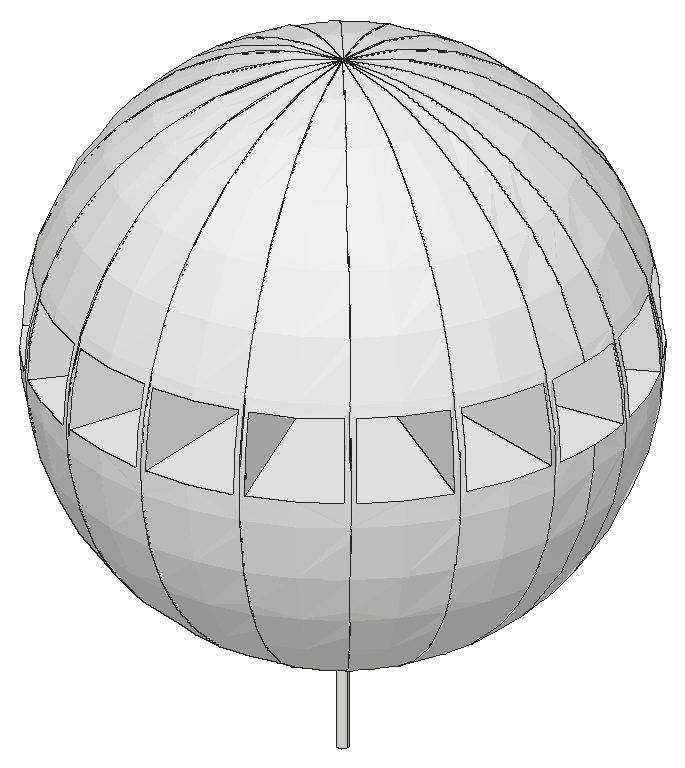
Revit family "123Electronics_Commercial-Loudspeakers_Biamp_Dispersion-Sphere-Loudspeaker_SPH20", category Communication Devices, host Face, Revit 2020
Family settings
  Host = Face
  Maintain Annotation Orientation = No
  Round Connector Dimension = Use Diameter
  Part Type = Normal
  OmniClass Number = 23.85.10.11.14.14.14
  OmniClass Title = Loudspeakers
  Cut with Voids When Loaded = No
  Shared = No
  Room Calculation Point = No
Parameters (values of type "SPH20")
  Woofer size in inch = "8"  # constant formula
  Woofer cone material = "Paper"  # constant formula
  Weight = 4.85 lbf  # constant formula
  URL = "https://www.biamp.com/"
  SPL 1W/1m in dB = "95"  # constant formula
  Product data url = "https://bimobject.com/biamp/product/sph20_commercial-loudspeakers-pendant"
  Product Page URL = "https://www.biamp.com/products/product-families/commercial-loudspeakers/pendant#sph20"
  Product Documentation Link = "https://downloads.biamp.com/assets/docs/default-source/data-sheets/biamp_data_sheet_sph20_aug20.pdf"
  Nom Cable Length [instance] = if(Pendant Length < 0.25", 0.25", if(Pendant Length > 129.92", 129.92", Pendant Length))  # 2.00"
  Mounting system = "Ceiling socket"  # constant formula
  Model = "SPH20"  # constant formula
  Max SPL 1m in dB = "111"  # constant formula
  Manufacturer = "Biamp"  # constant formula
  Low impedance dynamic power in watts = "30"  # constant formula
  Low impedance RMS power in watts = "20"  # constant formula
  Loudspeaker system = "Dual cone"  # constant formula
  Housing Material = Biamp - Plastic - White
  Vertical dispersion angle 1000 Hz = "110°\r"  # constant formula
  Frequency response in Hz = "80-18k"  # constant formula
  Diameter = 10.03937"  # constant formula
  Description = "SPH20 360° Dispersion Sphere Loudspeaker"  # constant formula
  Default Elevation = 0.00"  # constant formula
  Pendant Length [instance] = 2.00"
  Impedance (ohms) = "8"  # constant formula
  100V transformer power taps in watts = "20 - 10 -5"  # constant formula
Reference planes (in)
  plane 1 "Center (Front/Back)": y = 0
  plane 2: z = 0
  plane 3 "Center (Left/Right)": x = 0
  plane 4: z = 2
  plane 5: z = 12.03937
  plane 6: z = 1.80315
  plane 7: z = 7.01969
  plane 8: z = 8.39764
  plane 9: z = 2.03937
Forms (in)
  Extrusion 1, solid, material "Biamp - Plastic - White" <- "Housing Material"
    sketch origin (0, 0, 0) x (1, 0, 0) y (0, 1, 0)
      loop
        circle (0, 0) r 0.09843
    from 0 to 2
  Extrusion 2, solid, material "Biamp - Plastic - White" <- "Housing Material", detail levels medium+fine
    sketch origin (0, 0, 0) x (1, 0, 0) y (0, 1, 0)
      loop
        line (0, 0) -> (1.71683, 4.71696) -> (0, 5.01969) -> (0, 0)
    from 2 to 12.03937
  Extrusion 3, solid, material "Biamp - Plastic - White" <- "Housing Material", detail levels medium+fine
    sketch origin (0, 0, 0) x (-0.766044, 0.642788, 0) y (-0.642788, -0.766044, 0)
      loop
        line (0, 0) -> (0, -5.01969) -> (1.71683, -4.71696) -> (0, 0)
    from 2 to 12.03937
  Extrusion 4, solid, material "Biamp - Plastic - White" <- "Housing Material", detail levels medium+fine
    sketch origin (0, 0, 0) x (-0.173648, 0.984808, 0) y (-0.984808, -0.173648, 0)
      loop
        line (0, 0) -> (0, -5.01969) -> (1.71683, -4.71696) -> (0, 0)
    from 2 to 12.03937
  Extrusion 5, solid, material "Biamp - Plastic - White" <- "Housing Material", detail levels medium+fine
    sketch origin (0, 0, 0) x (0.766044, -0.642788, 0) y (0.642788, 0.766044, 0)
      loop
        line (0, 0) -> (1.71683, 4.71696) -> (0, 5.01969) -> (0, 0)
    from 2 to 12.03937
  Extrusion 6, solid, material "Biamp - Plastic - White" <- "Housing Material", detail levels medium+fine
    sketch origin (0, 0, 0) x (0.939693, 0.34202, 0) y (-0.34202, 0.939693, 0)
      loop
        line (0, 0) -> (0, -5.01969) -> (1.71683, -4.71696) -> (0, 0)
    from 2 to 12.03937
  Extrusion 7, solid, material "Biamp - Plastic - White" <- "Housing Material", detail levels medium+fine
    sketch origin (0, 0, 0) x (-0.5, -0.866025, 0) y (0.866025, -0.5, 0)
      loop
        line (0, 0) -> (1.71683, 4.71696) -> (0, 5.01969) -> (0, 0)
    from 2 to 12.03937
  Extrusion 8, solid, material "Biamp - Plastic - White" <- "Housing Material", detail levels medium+fine
    sketch origin (0, 0, 0) x (0.173648, -0.984808, 0) y (0.984808, 0.173648, 0)
      loop
        line (0, 0) -> (1.71683, 4.71696) -> (0, 5.01969) -> (0, 0)
    from 2 to 12.03937
  Extrusion 9, solid, material "Biamp - Plastic - White" <- "Housing Material", detail levels medium+fine
    sketch origin (0, 0, 0) x (0.5, 0.866025, 0) y (-0.866025, 0.5, 0)
      loop
        line (0, 0) -> (0, -5.01969) -> (1.71683, -4.71696) -> (0, 0)
    from 2 to 12.03937
  Extrusion 10, solid, material "Biamp - Plastic - White" <- "Housing Material", detail levels medium+fine
    sketch origin (0, 0, 0) x (-0.766044, -0.642788, 0) y (0.642788, -0.766044, 0)
      loop
        line (0, 0) -> (0, -5.01969) -> (1.71683, -4.71696) -> (0, 0)
    from 2 to 12.03937
  Extrusion 11, solid, material "Biamp - Plastic - White" <- "Housing Material", detail levels medium+fine
    sketch origin (0, 0, 0) x (0.173648, 0.984808, 0) y (-0.984808, 0.173648, 0)
      loop
        line (0, 0) -> (1.71683, 4.71696) -> (0, 5.01969) -> (0, 0)
    from 2 to 12.03937
  Extrusion 12, solid, material "Biamp - Plastic - White" <- "Housing Material", detail levels medium+fine
    sketch origin (0, 0, 0) x (-0.5, 0.866025, 0) y (-0.866025, -0.5, 0)
      loop
        line (0, 0) -> (1.71683, 4.71696) -> (0, 5.01969) -> (0, 0)
    from 2 to 12.03937
  Extrusion 13, solid, material "Biamp - Plastic - White" <- "Housing Material", detail levels medium+fine
    sketch origin (0, 0, 0) x (-0.173648, -0.984808, 0) y (0.984808, -0.173648, 0)
      loop
        line (0, 0) -> (0, -5.01969) -> (1.71683, -4.71696) -> (0, 0)
    from 2 to 12.03937
  Extrusion 14, solid, material "Biamp - Plastic - White" <- "Housing Material", detail levels medium+fine
    sketch origin (0, 0, 0) x (0.939693, -0.34202, 0) y (0.34202, 0.939693, 0)
      loop
        line (0, 0) -> (0, -5.01969) -> (1.71683, -4.71696) -> (0, 0)
    from 2 to 12.03937
  Extrusion 15, solid, material "Biamp - Plastic - White" <- "Housing Material", detail levels medium+fine
    sketch origin (0, 0, 0) x (0.5, -0.866025, 0) y (0.866025, 0.5, 0)
      loop
        line (0, 0) -> (0, -5.01969) -> (1.71683, -4.71696) -> (0, 0)
    from 2 to 12.03937
  Extrusion 16, solid, material "Biamp - Plastic - White" <- "Housing Material", detail levels medium+fine
    sketch origin (0, 0, 0) x (-0.939693, 0.34202, 0) y (-0.34202, -0.939693, 0)
      loop
        line (0, 0) -> (1.71683, 4.71696) -> (0, 5.01969) -> (0, 0)
    from 2 to 12.03937
  Extrusion 17, solid, material "Biamp - Plastic - White" <- "Housing Material", detail levels medium+fine
    sketch origin (0, 0, 0) x (-0.939693, -0.34202, 0) y (0.34202, -0.939693, 0)
      loop
        line (0, 0) -> (1.71683, 4.71696) -> (0, 5.01969) -> (0, 0)
    from 2 to 12.03937
  Extrusion 18, solid, material "Biamp - Plastic - White" <- "Housing Material", detail levels medium+fine
    sketch origin (0, 0, 0) x (0.766044, 0.642788, 0) y (-0.642788, 0.766044, 0)
      loop
        line (0, 0) -> (1.71683, 4.71696) -> (0, 5.01969) -> (0, 0)
    from 2 to 12.03937
  Extrusion 19, solid, material "Biamp - Plastic - White" <- "Housing Material", detail levels medium+fine
    sketch origin (0, 0, 0) x (-1, 0, 0) y (0, -1, 0)
      loop
        line (0, 0) -> (0, -5.01969) -> (1.71683, -4.71696) -> (0, 0)
    from 2 to 12.03937
  Revolve 20, void
    sketch origin (0, 0, 0) x (1, 0, 0) y (0, 0, 1)
      loop
        line (0, 12.03937) -> (-5.18375, 12.03937) -> (-5.18375, 2) -> (-0.11366, 2)
        arc (-0.11366, 2) -> (-4.9431, 7.07501) -> (0, 12.03937) r 5.02183
      axis (0, 12.03937) -> (0, 2)
    angle from 0 to 360
  Extrusion 21, void
    sketch origin (0, 0, 0) x (1, 0, 0) y (0, 1, 0)
      loop
        line (0, 0) -> (-0.08932, 5.11733) -> (-1.66629, 4.83927) -> (0, 0)
    from 7.01969 to 8.39764
  Extrusion 22, void
    sketch origin (0, 0, 0) x (-1, 0, 0) y (0, -1, 0)
      loop
        line (0, 0) -> (-1.66629, -4.83927) -> (-0.08932, -5.11733) -> (0, 0)
    from 7.01969 to 8.39764
  Extrusion 23, void
    sketch origin (0, 0, 0) x (-0.766044, 0.642788, 0) y (-0.642788, -0.766044, 0)
      loop
        line (0, 0) -> (-1.66629, -4.83927) -> (-0.08932, -5.11733) -> (0, 0)
    from 7.01969 to 8.39764
  Extrusion 24, void
    sketch origin (0, 0, 0) x (0.766044, -0.642788, 0) y (0.642788, 0.766044, 0)
      loop
        line (0, 0) -> (-0.08932, 5.11733) -> (-1.66629, 4.83927) -> (0, 0)
    from 7.01969 to 8.39764
  Extrusion 25, void
    sketch origin (0, 0, 0) x (0.5, 0.866025, 0) y (-0.866025, 0.5, 0)
      loop
        line (0, 0) -> (-1.66629, -4.83927) -> (-0.08932, -5.11733) -> (0, 0)
    from 7.01969 to 8.39764
  Extrusion 26, void
    sketch origin (0, 0, 0) x (-0.5, -0.866025, 0) y (0.866025, -0.5, 0)
      loop
        line (0, 0) -> (-0.08932, 5.11733) -> (-1.66629, 4.83927) -> (0, 0)
    from 7.01969 to 8.39764
  Extrusion 27, void
    sketch origin (0, 0, 0) x (0.173648, -0.984808, 0) y (0.984808, 0.173648, 0)
      loop
        line (0, 0) -> (-0.08932, 5.11733) -> (-1.66629, 4.83927) -> (0, 0)
    from 7.01969 to 8.39764
  Extrusion 28, void
    sketch origin (0, 0, 0) x (-0.173648, 0.984808, 0) y (-0.984808, -0.173648, 0)
      loop
        line (0, 0) -> (-1.66629, -4.83927) -> (-0.08932, -5.11733) -> (0, 0)
    from 7.01969 to 8.39764
  Extrusion 29, void
    sketch origin (0, 0, 0) x (-0.939693, -0.34202, 0) y (0.34202, -0.939693, 0)
      loop
        line (0, 0) -> (-0.08932, 5.11733) -> (-1.66629, 4.83927) -> (0, 0)
    from 7.01969 to 8.39764
  Extrusion 30, void
    sketch origin (0, 0, 0) x (0.939693, 0.34202, 0) y (-0.34202, 0.939693, 0)
      loop
        line (0, 0) -> (-1.66629, -4.83927) -> (-0.08932, -5.11733) -> (0, 0)
    from 7.01969 to 8.39764
  Extrusion 31, void
    sketch origin (0, 0, 0) x (0.939693, -0.34202, 0) y (0.34202, 0.939693, 0)
      loop
        line (0, 0) -> (-1.66629, -4.83927) -> (-0.08932, -5.11733) -> (0, 0)
    from 7.01969 to 8.39764
  Extrusion 32, void
    sketch origin (0, 0, 0) x (-0.939693, 0.34202, 0) y (-0.34202, -0.939693, 0)
      loop
        line (0, 0) -> (-0.08932, 5.11733) -> (-1.66629, 4.83927) -> (0, 0)
    from 7.01969 to 8.39764
  Extrusion 33, void
    sketch origin (0, 0, 0) x (-0.173648, -0.984808, 0) y (0.984808, -0.173648, 0)
      loop
        line (0, 0) -> (-1.66629, -4.83927) -> (-0.08932, -5.11733) -> (0, 0)
    from 7.01969 to 8.39764
  Extrusion 34, void
    sketch origin (0, 0, 0) x (0.173648, 0.984808, 0) y (-0.984808, 0.173648, 0)
      loop
        line (0, 0) -> (-0.08932, 5.11733) -> (-1.66629, 4.83927) -> (0, 0)
    from 7.01969 to 8.39764
  Extrusion 35, void
    sketch origin (0, 0, 0) x (-0.5, 0.866025, 0) y (-0.866025, -0.5, 0)
      loop
        line (0, 0) -> (-0.08932, 5.11733) -> (-1.66629, 4.83927) -> (0, 0)
    from 7.01969 to 8.39764
  Extrusion 36, void
    sketch origin (0, 0, 0) x (0.5, -0.866025, 0) y (0.866025, 0.5, 0)
      loop
        line (0, 0) -> (-1.66629, -4.83927) -> (-0.08932, -5.11733) -> (0, 0)
    from 7.01969 to 8.39764
  Extrusion 37, void
    sketch origin (0, 0, 0) x (0.766044, 0.642788, 0) y (-0.642788, 0.766044, 0)
      loop
        line (0, 0) -> (-0.08932, 5.11733) -> (-1.66629, 4.83927) -> (0, 0)
    from 7.01969 to 8.39764
  Extrusion 38, void
    sketch origin (0, 0, 0) x (-0.766044, -0.642788, 0) y (0.642788, -0.766044, 0)
      loop
        line (0, 0) -> (-1.66629, -4.83927) -> (-0.08932, -5.11733) -> (0, 0)
    from 7.01969 to 8.39764
  Revolve 39, solid, material "Biamp - Plastic - White" <- "Housing Material"
    sketch origin (0, 0, 0) x (1, 0, 0) y (0, 0, 1)
      loop
        line (0, 1.80315) -> (0, 2.03937) -> (-0.27559, 2.03937) -> (-0.09843, 1.80315) -> (0, 1.80315)
      axis (0, 2.03937) -> (0, 1.80315)
    angle from 0 to 360
  Revolve 40, solid, material "Biamp - Plastic - White" <- "Housing Material", detail levels coarse
    sketch origin (0, 0, 0) x (0, 1, 0) y (0, 0, 1)
      loop
        line (-0.05, 12.03937) -> (-0.27562, 12.02749)
        arc (-0.27562, 12.02749) -> (-4.94277, 6.93705) -> (-0.11366, 2) r 5.02183
        line (-0.11366, 2) -> (0, 2) -> (0, 12.03937) -> (-0.05, 12.03937)
      axis (0, 2) -> (0, 12.03937)
    angle from 0 to 360
Cuts and joins
  Revolve 20, Extrusion 22, Extrusion 24, Extrusion 26 cuts Extrusion 2
  Revolve 20, Extrusion 24, Extrusion 28 cuts Extrusion 3
  Revolve 20, Extrusion 27, Extrusion 31 cuts Extrusion 4
  Revolve 20, Extrusion 23, Extrusion 27 cuts Extrusion 5
  Revolve 20, Extrusion 29, Extrusion 33 cuts Extrusion 6
  Revolve 20, Extrusion 25, Extrusion 29 cuts Extrusion 7
  Revolve 20, Extrusion 28, Extrusion 32 cuts Extrusion 8
  Revolve 20, Extrusion 26, Extrusion 30 cuts Extrusion 9
  Revolve 20, Extrusion 37 cuts Extrusion 10
  Revolve 20, Extrusion 33, Extrusion 37 cuts Extrusion 11
  Revolve 20, Extrusion 36 cuts Extrusion 12
  Revolve 20, Extrusion 34, Extrusion 36, Extrusion 38 cuts Extrusion 13
  Revolve 20, Extrusion 32, Extrusion 36 cuts Extrusion 14
  Revolve 20, Extrusion 35 cuts Extrusion 15
  Revolve 20, Extrusion 31, Extrusion 35 cuts Extrusion 16
  Revolve 20, Extrusion 30, Extrusion 32, Extrusion 34 cuts Extrusion 17
  Revolve 20, Extrusion 38 cuts Extrusion 18
  Revolve 20, Extrusion 21, Extrusion 22, Extrusion 23, Extrusion 25, Extrusion 38 cuts Extrusion 19
  Extrusion 21 cuts Extrusion 1
  joined: Extrusion 1, Revolve 39
Lines and regions (in)
  Masking region 1
    outline origin (0, 0, 0) x (0, 1, 0) y (0, 0, 1)
      loop
        line (-0.09843, 2) -> (-0.09843, 0) -> (0.09843, 0) -> (0.09843, 2) -> (-0.09843, 2)
  Masking region 2
    outline origin (0, 0, 0) x (1, 0, 0) y (0, 0, 1)
      loop
        line (-0.09843, 0) -> (0.09843, 0) -> (0.09843, 1.80315) -> (-0.09843, 1.80315) -> (-0.09843, 0)
  Masking region 3
    outline origin (0, 0, 0) x (1, 0, 0) y (0, 1, 0)
      loop
        circle (0, 0) r 4.94342
  Masking region 4
    outline origin (0, 0, 0) x (1, 0, 0) y (0, 0, 1)
      loop
        spline (4.88256, 7.01969) -> (4.8812, 7.136) -> (4.87717, 7.25225) -> (4.87049, 7.36838) -> (4.86115, 7.48432) -> (4.84916, 7.60001) -> (4.83452, 7.71538) -> (4.81726, 7.83039) -> (4.79736, 7.94495) -> (4.77485, 8.05902) -> (4.74974, 8.17253) -> (4.72203, 8.28543) -> (4.69176, 8.39764)
        line (4.69176, 8.39764) -> (4.75024, 8.39764)
        arc (4.75024, 8.39764) -> (2.99775, 10.98984) -> (0.05, 12.03937) r 5.01697
        line (0.05, 12.03937) -> (-0.05, 12.03937)
        arc (-0.05, 12.03937) -> (-2.99775, 10.98984) -> (-4.75024, 8.39764) r 5.01697
        line (-4.75024, 8.39764) -> (-4.69176, 8.39764)
        spline (-4.69176, 8.39764) -> (-4.72203, 8.28543) -> (-4.74974, 8.17253) -> (-4.77485, 8.05902) -> (-4.79736, 7.94495) -> (-4.81726, 7.83039) -> (-4.83452, 7.71538) -> (-4.84916, 7.60001) -> (-4.86115, 7.48432) -> (-4.87049, 7.36838) -> (-4.87717, 7.25225) -> (-4.8812, 7.136) -> (-4.88256, 7.01969)
        line (-4.88256, 7.01969) -> (-4.94342, 7.01969)
        arc (-4.94342, 7.01969) -> (-3.53677, 3.52935) -> (-0.09843, 2) r 5.01513
        line (-0.09843, 2) -> (0.09843, 2)
        arc (0.09843, 2) -> (3.53677, 3.52935) -> (4.94342, 7.01969) r 5.01513
        line (4.94342, 7.01969) -> (4.88256, 7.01969)
  Masking region 5
    outline origin (0, 0, 0) x (1, 0, 0) y (0, 0, 1)
      loop
        line (-0.09843, 1.80315) -> (0.09843, 1.80315) -> (0.27643, 2.03937) -> (-0.27643, 2.03937) -> (-0.09843, 1.80315)
  Masking region 6
    outline origin (0, 0, 0) x (0, 1, 0) y (0, 0, 1)
      loop
        line (-0.09843, 1.80315) -> (-0.09843, 0) -> (0.09843, 0) -> (0.09843, 1.80315) -> (-0.09843, 1.80315)
  Masking region 7
    outline origin (0, 0, 0) x (0, 1, 0) y (0, 0, 1)
      loop
        line (-0.11366, 2) -> (0.11366, 2)
        arc (0.11366, 2) -> (4.94277, 6.93705) -> (0.27562, 12.02749) r 5.02183
        line (0.27562, 12.02749) -> (0.08679, 12.03937) -> (-0.08679, 12.03937) -> (-0.27562, 12.02749)
        arc (-0.27562, 12.02749) -> (-4.94277, 6.93705) -> (-0.11366, 2) r 5.02183
  symbolic lines
    curve 1: line (-3.17757, 3.78688, 0) -> (0, 0, 0)
    curve 2: line (0, 0, 0) -> (-1.69075, 4.6453, 0)
    curve 3: line (-1.77157, 4.61508, 0) -> (-1.70233, 4.43473, 0)
    curve 4: arc (-1.70233, 4.43473, 0) -> (-2.37512, 4.11383, 0) -> (-2.98942, 3.69163, 0) r 4.75024
    curve 5: line (-3.111, 3.84176, 0) -> (-2.98942, 3.69163, 0)
    curve 6: line (0, 4.94343, 0) -> (0, 0, 0)
    curve 7: line (-1.60942, 4.6741, 0) -> (-1.54653, 4.49144, 0)
    curve 8: arc (-1.54653, 4.49144, 0) -> (-0.82487, 4.67807, 0) -> (-0.0829, 4.74952, 0) r 4.75024
    curve 9: line (-0.08627, 4.94267, 0) -> (-0.0829, 4.74952, 0)
    curve 10: line (-4.86832, 0.85842, 0) -> (0, 0, 0)
    curve 11: line (0, 0, 0) -> (-4.86832, -0.85842, 0)
    curve 12: line (-4.88256, -0.77332, 0) -> (-4.69176, -0.7431, 0)
    curve 13: arc (-4.69176, -0.7431, 0) -> (-4.75024, 0, 0) -> (-4.69176, 0.7431, 0) r 4.75024
    curve 14: line (-4.88256, 0.77332, 0) -> (-4.69176, 0.7431, 0)
    curve 15: line (-4.28113, -2.47171, 0) -> (0, 0, 0)
    curve 16: line (-4.8526, -0.94325, 0) -> (-4.66296, -0.90639, 0)
    curve 17: arc (-4.66296, -0.90639, 0) -> (-4.46376, -1.62468, 0) -> (-4.15465, -2.30296, 0) r 4.75024
    curve 18: line (-4.32362, -2.39662, 0) -> (-4.15465, -2.30296, 0)
    curve 19: line (-1.69075, -4.6453, 0) -> (0, 0, 0)
    curve 20: line (0, 0, 0) -> (-3.17757, -3.78688, 0)
    curve 21: line (-3.111, -3.84176, 0) -> (-2.98942, -3.69163, 0)
    curve 22: arc (-2.98942, -3.69163, 0) -> (-2.37512, -4.11383, 0) -> (-1.70233, -4.43473, 0) r 4.75024
    curve 23: line (-1.77157, -4.61508, 0) -> (-1.70233, -4.43473, 0)
    curve 24: line (-3.24318, -3.73085, 0) -> (-3.11644, -3.58505, 0)
    curve 25: arc (-3.11644, -3.58505, 0) -> (-3.63889, -3.05339, 0) -> (-4.07175, -2.44655, 0) r 4.75024
    curve 26: line (-4.23734, -2.54605, 0) -> (-4.07175, -2.44655, 0)
    curve 27: line (0, 0, 0) -> (0, -4.94343, 0)
    curve 28: line (-0.08627, -4.94267, 0) -> (-0.0829, -4.74952, 0)
    curve 29: arc (-0.0829, -4.74952, 0) -> (-0.82487, -4.67807, 0) -> (-1.54653, -4.49144, 0) r 4.75024
    curve 30: line (-1.60942, -4.6741, 0) -> (-1.54653, -4.49144, 0)
    curve 31: line (1.69075, -4.6453, 0) -> (0, 0, 0)
    curve 32: line (0.08627, -4.94267, 0) -> (0.0829, -4.74952, 0)
    curve 33: arc (0.0829, -4.74952, 0) -> (0.82487, -4.67807, 0) -> (1.54653, -4.49144, 0) r 4.75024
    curve 34: line (1.60942, -4.6741, 0) -> (1.54653, -4.49144, 0)
    curve 35: line (0, 0, 0) -> (-4.28113, 2.47171, 0)
    curve 36: line (-4.32362, 2.39662, 0) -> (-4.15465, 2.30296, 0)
    curve 37: arc (-4.15465, 2.30296, 0) -> (-4.46376, 1.62468, 0) -> (-4.66296, 0.90639, 0) r 4.75024
    curve 38: line (-4.8526, 0.94325, 0) -> (-4.66296, 0.90639, 0)
    curve 39: line (-4.23734, 2.54605, 0) -> (-4.07175, 2.44655, 0)
    curve 40: arc (-4.07175, 2.44655, 0) -> (-3.63889, 3.05339, 0) -> (-3.11644, 3.58505, 0) r 4.75024
    curve 41: line (-3.24318, 3.73085, 0) -> (-3.11644, 3.58505, 0)
    curve 42: line (3.17757, 3.78688, 0) -> (0, 0, 0)
    curve 43: line (0, 0, 0) -> (4.28113, 2.47171, 0)
    curve 44: line (4.23734, 2.54605, 0) -> (4.07175, 2.44655, 0)
    curve 45: arc (4.07175, 2.44655, 0) -> (3.63889, 3.05339, 0) -> (3.11644, 3.58505, 0) r 4.75024
    curve 46: line (3.24318, 3.73085, 0) -> (3.11644, 3.58505, 0)
    curve 47: line (4.86832, 0.85842, 0) -> (0, 0, 0)
    curve 48: line (4.32362, 2.39662, 0) -> (4.15465, 2.30296, 0)
    curve 49: arc (4.15465, 2.30296, 0) -> (4.46376, 1.62468, 0) -> (4.66296, 0.90639, 0) r 4.75024
    curve 50: line (4.8526, 0.94325, 0) -> (4.66296, 0.90639, 0)
    curve 51: line (4.28113, -2.47171, 0) -> (0, 0, 0)
    curve 52: line (0, 0, 0) -> (4.86832, -0.85842, 0)
    curve 53: line (4.8526, -0.94325, 0) -> (4.66296, -0.90639, 0)
    curve 54: arc (4.66296, -0.90639, 0) -> (4.46376, -1.62468, 0) -> (4.15465, -2.30296, 0) r 4.75024
    curve 55: line (4.32362, -2.39662, 0) -> (4.15465, -2.30296, 0)
    curve 56: line (4.88256, -0.77332, 0) -> (4.69176, -0.7431, 0)
    curve 57: arc (4.69176, -0.7431, 0) -> (4.75024, 0, 0) -> (4.69176, 0.7431, 0) r 4.75024
    curve 58: line (4.88256, 0.77332, 0) -> (4.69176, 0.7431, 0)
    curve 59: line (0, 0, 0) -> (3.17757, -3.78688, 0)
    curve 60: line (3.24318, -3.73085, 0) -> (3.11644, -3.58505, 0)
    curve 61: arc (3.11644, -3.58505, 0) -> (3.63889, -3.05339, 0) -> (4.07175, -2.44655, 0) r 4.75024
    curve 62: line (4.23734, -2.54605, 0) -> (4.07175, -2.44655, 0)
    curve 63: line (3.111, -3.84176, 0) -> (2.98942, -3.69163, 0)
    curve 64: arc (2.98942, -3.69163, 0) -> (2.37512, -4.11383, 0) -> (1.70233, -4.43473, 0) r 4.75024
    curve 65: line (1.77157, -4.61508, 0) -> (1.70233, -4.43473, 0)
    curve 66: line (0, 0, 0) -> (1.69075, 4.6453, 0)
    curve 67: line (1.77157, 4.61508, 0) -> (1.70233, 4.43473, 0)
    curve 68: arc (1.70233, 4.43473, 0) -> (2.37512, 4.11383, 0) -> (2.98942, 3.69163, 0) r 4.75024
    curve 69: line (3.111, 3.84176, 0) -> (2.98942, 3.69163, 0)
    curve 70: line (1.60942, 4.6741, 0) -> (1.54653, 4.49144, 0)
    curve 71: arc (1.54653, 4.49144, 0) -> (0.82487, 4.67807, 0) -> (0.0829, 4.74952, 0) r 4.75024
    curve 72: line (0.08627, 4.94267, 0) -> (0.0829, 4.74952, 0)
    curve 73: spline (0, 0, 1.99694) -> (-1.11227, 0, 2.18476) -> (-2.1457, 0, 2.69549) -> (-3.03124, 0, 3.49501) -> (-3.70974, 0, 4.52991) -> (-4.13586, 0, 5.73104) -> (-4.28113, 0, 7.01815) -> (-4.13586, 0, 8.30527) -> (-3.70974, 0, 9.5064) -> (-3.03124, 0, 10.54129) -> (-2.1457, 0, 11.34081) -> (-1.11227, 0, 11.85155) -> (0, 0, 12.03937)
    curve 74: spline (0, 0, 1.99694) -> (-0.82554, 0, 2.18476) -> (-1.59257, 0, 2.69549) -> (-2.24983, 0, 3.49501) -> (-2.75342, 0, 4.52991) -> (-3.06969, 0, 5.73104) -> (-3.17752, 0, 7.01815) -> (-3.06969, 0, 8.30527) -> (-2.75342, 0, 9.5064) -> (-2.24983, 0, 10.54129) -> (-1.59257, 0, 11.34081) -> (-0.82554, 0, 11.85155) -> (0, 0, 12.03937)
    curve 75: spline (0, 0, 1.99694) -> (-0.43927, 0, 2.18476) -> (-0.8474, 0, 2.69549) -> (-1.19713, 0, 3.49501) -> (-1.46509, 0, 4.52991) -> (-1.63338, 0, 5.73104) -> (-1.69075, 0, 7.01815) -> (-1.63338, 0, 8.30527) -> (-1.46509, 0, 9.5064) -> (-1.19713, 0, 10.54129) -> (-0.8474, 0, 11.34081) -> (-0.43927, 0, 11.85155) -> (0, 0, 12.03937)
    curve 76: line (0, 0, 12.03937) -> (0, 0, 1.99694)
    curve 77: spline (0, 0, 12.03937) -> (0.43927, 0, 11.85155) -> (0.8474, 0, 11.34081) -> (1.19713, 0, 10.54129) -> (1.46509, 0, 9.5064) -> (1.63338, 0, 8.30527) -> (1.69075, 0, 7.01815) -> (1.63338, 0, 5.73104) -> (1.46509, 0, 4.52991) -> (1.19713, 0, 3.49501) -> (0.8474, 0, 2.69549) -> (0.43927, 0, 2.18476) -> (0, 0, 1.99694)
    curve 78: spline (0, 0, 1.99694) -> (0.82554, 0, 2.18476) -> (1.59255, 0, 2.69549) -> (2.24981, 0, 3.49501) -> (2.75339, 0, 4.52991) -> (3.06966, 0, 5.73104) -> (3.17748, 0, 7.01815) -> (3.06966, 0, 8.30527) -> (2.75339, 0, 9.5064) -> (2.24981, 0, 10.54129) -> (1.59255, 0, 11.34081) -> (0.82554, 0, 11.85155) -> (0, 0, 12.03937)
    curve 79: spline (0, 0, 1.99694) -> (1.11227, 0, 2.18476) -> (2.1457, 0, 2.69549) -> (3.03124, 0, 3.49501) -> (3.70974, 0, 4.52991) -> (4.13586, 0, 5.73104) -> (4.28113, 0, 7.01815) -> (4.13586, 0, 8.30527) -> (3.70974, 0, 9.5064) -> (3.03124, 0, 10.54129) -> (2.1457, 0, 11.34081) -> (1.11227, 0, 11.85155) -> (0, 0, 12.03937)
    curve 80: spline (1.77157, 0, 7.01969) -> (1.77107, 0, 7.136) -> (1.76961, 0, 7.25225) -> (1.76718, 0, 7.36838) -> (1.76379, 0, 7.48432) -> (1.75944, 0, 7.60001) -> (1.75414, 0, 7.71538) -> (1.74787, 0, 7.83039) -> (1.74065, 0, 7.94495) -> (1.73248, 0, 8.05902) -> (1.72337, 0, 8.17253) -> (1.71332, 0, 8.28543) -> (1.70233, 0, 8.39764)
    curve 81: spline (2.98942, 0, 8.39764) -> (3.00871, 0, 8.28543) -> (3.02637, 0, 8.17253) -> (3.04237, 0, 8.05902) -> (3.05671, 0, 7.94495) -> (3.06939, 0, 7.83039) -> (3.08039, 0, 7.71538) -> (3.08971, 0, 7.60001) -> (3.09735, 0, 7.48432) -> (3.1033, 0, 7.36838) -> (3.10756, 0, 7.25225) -> (3.11013, 0, 7.136) -> (3.111, 0, 7.01969)
    curve 82: spline (1.54653, 0, 8.39764) -> (1.55651, 0, 8.28543) -> (1.56564, 0, 8.17253) -> (1.57392, 0, 8.05902) -> (1.58134, 0, 7.94495) -> (1.58789, 0, 7.83039) -> (1.59359, 0, 7.71538) -> (1.59841, 0, 7.60001) -> (1.60236, 0, 7.48432) -> (1.60544, 0, 7.36838) -> (1.60764, 0, 7.25225) -> (1.60897, 0, 7.136) -> (1.60942, 0, 7.01969)
    curve 83: spline (0.08627, 0, 7.01969) -> (0.08625, 0, 7.136) -> (0.08618, 0, 7.25225) -> (0.08606, 0, 7.36838) -> (0.0859, 0, 7.48432) -> (0.08568, 0, 7.60001) -> (0.08543, 0, 7.71538) -> (0.08512, 0, 7.83039) -> (0.08477, 0, 7.94495) -> (0.08437, 0, 8.05902) -> (0.08393, 0, 8.17253) -> (0.08344, 0, 8.28543) -> (0.0829, 0, 8.39764)
    curve 84: spline (3.24318, 0, 7.01969) -> (3.24227, 0, 7.136) -> (3.2396, 0, 7.25225) -> (3.23516, 0, 7.36838) -> (3.22895, 0, 7.48432) -> (3.22099, 0, 7.60001) -> (3.21127, 0, 7.71538) -> (3.1998, 0, 7.83039) -> (3.18658, 0, 7.94495) -> (3.17163, 0, 8.05902) -> (3.15495, 0, 8.17253) -> (3.13655, 0, 8.28543) -> (3.11644, 0, 8.39764)
    curve 85: spline (4.07175, 0, 8.39764) -> (4.09803, 0, 8.28543) -> (4.12207, 0, 8.17253) -> (4.14386, 0, 8.05902) -> (4.1634, 0, 7.94495) -> (4.18067, 0, 7.83039) -> (4.19565, 0, 7.71538) -> (4.20835, 0, 7.60001) -> (4.21876, 0, 7.48432) -> (4.22686, 0, 7.36838) -> (4.23266, 0, 7.25225) -> (4.23616, 0, 7.136) -> (4.23734, 0, 7.01969)
    curve 86: spline (4.32362, 0, 7.01969) -> (4.32241, 0, 7.136) -> (4.31884, 0, 7.25225) -> (4.31292, 0, 7.36838) -> (4.30465, 0, 7.48432) -> (4.29404, 0, 7.60001) -> (4.28108, 0, 7.71538) -> (4.26579, 0, 7.83039) -> (4.24817, 0, 7.94495) -> (4.22824, 0, 8.05902) -> (4.206, 0, 8.17253) -> (4.18147, 0, 8.28543) -> (4.15465, 0, 8.39764)
    curve 87: spline (4.66296, 0, 8.39764) -> (4.69306, 0, 8.28543) -> (4.72059, 0, 8.17253) -> (4.74555, 0, 8.05902) -> (4.76792, 0, 7.94495) -> (4.78769, 0, 7.83039) -> (4.80486, 0, 7.71538) -> (4.8194, 0, 7.60001) -> (4.83132, 0, 7.48432) -> (4.8406, 0, 7.36838) -> (4.84724, 0, 7.25225) -> (4.85124, 0, 7.136) -> (4.8526, 0, 7.01969)
    curve 88: line (0.0829, 0, 8.39764) -> (1.54653, 0, 8.39764)
    curve 89: line (1.70233, 0, 8.39764) -> (2.98942, 0, 8.39764)
    curve 90: line (3.11644, 0, 8.39764) -> (4.07175, 0, 8.39764)
    curve 91: line (4.15465, 0, 8.39764) -> (4.66296, 0, 8.39764)
    curve 92: line (4.8526, 0, 7.01969) -> (4.32362, 0, 7.01969)
    curve 93: line (4.23734, 0, 7.01969) -> (3.24318, 0, 7.01969)
    curve 94: line (3.111, 0, 7.01969) -> (1.77157, 0, 7.01969)
    curve 95: line (1.60942, 0, 7.01969) -> (0.08627, 0, 7.01969)
    curve 96: spline (-1.77157, 0, 7.01969) -> (-1.77107, 0, 7.136) -> (-1.76961, 0, 7.25225) -> (-1.76718, 0, 7.36838) -> (-1.76379, 0, 7.48432) -> (-1.75944, 0, 7.60001) -> (-1.75414, 0, 7.71538) -> (-1.74787, 0, 7.83039) -> (-1.74065, 0, 7.94495) -> (-1.73248, 0, 8.05902) -> (-1.72337, 0, 8.17253) -> (-1.71332, 0, 8.28543) -> (-1.70233, 0, 8.39764)
    curve 97: spline (-2.98942, 0, 8.39764) -> (-3.00871, 0, 8.28543) -> (-3.02637, 0, 8.17253) -> (-3.04237, 0, 8.05902) -> (-3.05671, 0, 7.94495) -> (-3.06939, 0, 7.83039) -> (-3.08039, 0, 7.71538) -> (-3.08971, 0, 7.60001) -> (-3.09735, 0, 7.48432) -> (-3.1033, 0, 7.36838) -> (-3.10756, 0, 7.25225) -> (-3.11013, 0, 7.136) -> (-3.111, 0, 7.01969)
    curve 98: spline (-1.54653, 0, 8.39764) -> (-1.55651, 0, 8.28543) -> (-1.56564, 0, 8.17253) -> (-1.57392, 0, 8.05902) -> (-1.58134, 0, 7.94495) -> (-1.58789, 0, 7.83039) -> (-1.59359, 0, 7.71538) -> (-1.59841, 0, 7.60001) -> (-1.60236, 0, 7.48432) -> (-1.60544, 0, 7.36838) -> (-1.60764, 0, 7.25225) -> (-1.60897, 0, 7.136) -> (-1.60942, 0, 7.01969)
    curve 99: spline (-0.08627, 0, 7.01969) -> (-0.08625, 0, 7.136) -> (-0.08618, 0, 7.25225) -> (-0.08606, 0, 7.36838) -> (-0.0859, 0, 7.48432) -> (-0.08568, 0, 7.60001) -> (-0.08543, 0, 7.71538) -> (-0.08512, 0, 7.83039) -> (-0.08477, 0, 7.94495) -> (-0.08437, 0, 8.05902) -> (-0.08393, 0, 8.17253) -> (-0.08344, 0, 8.28543) -> (-0.0829, 0, 8.39764)
    curve 100: spline (-3.24318, 0, 7.01969) -> (-3.24227, 0, 7.136) -> (-3.2396, 0, 7.25225) -> (-3.23516, 0, 7.36838) -> (-3.22895, 0, 7.48432) -> (-3.22099, 0, 7.60001) -> (-3.21127, 0, 7.71538) -> (-3.1998, 0, 7.83039) -> (-3.18658, 0, 7.94495) -> (-3.17163, 0, 8.05902) -> (-3.15495, 0, 8.17253) -> (-3.13655, 0, 8.28543) -> (-3.11644, 0, 8.39764)
    curve 101: spline (-4.07175, 0, 8.39764) -> (-4.09803, 0, 8.28543) -> (-4.12207, 0, 8.17253) -> (-4.14386, 0, 8.05902) -> (-4.1634, 0, 7.94495) -> (-4.18067, 0, 7.83039) -> (-4.19565, 0, 7.71538) -> (-4.20835, 0, 7.60001) -> (-4.21876, 0, 7.48432) -> (-4.22686, 0, 7.36838) -> (-4.23266, 0, 7.25225) -> (-4.23616, 0, 7.136) -> (-4.23734, 0, 7.01969)
    curve 102: spline (-4.32362, 0, 7.01969) -> (-4.32241, 0, 7.136) -> (-4.31884, 0, 7.25225) -> (-4.31292, 0, 7.36838) -> (-4.30465, 0, 7.48432) -> (-4.29404, 0, 7.60001) -> (-4.28108, 0, 7.71538) -> (-4.26579, 0, 7.83039) -> (-4.24817, 0, 7.94495) -> (-4.22824, 0, 8.05902) -> (-4.206, 0, 8.17253) -> (-4.18147, 0, 8.28543) -> (-4.15465, 0, 8.39764)
    curve 103: spline (-4.66296, 0, 8.39764) -> (-4.69306, 0, 8.28543) -> (-4.72059, 0, 8.17253) -> (-4.74555, 0, 8.05902) -> (-4.76792, 0, 7.94495) -> (-4.78769, 0, 7.83039) -> (-4.80486, 0, 7.71538) -> (-4.8194, 0, 7.60001) -> (-4.83132, 0, 7.48432) -> (-4.8406, 0, 7.36838) -> (-4.84724, 0, 7.25225) -> (-4.85124, 0, 7.136) -> (-4.8526, 0, 7.01969)
    curve 104: line (-0.0829, 0, 8.39764) -> (-1.54653, 0, 8.39764)
    curve 105: line (-1.70233, 0, 8.39764) -> (-2.98942, 0, 8.39764)
    curve 106: line (-3.11644, 0, 8.39764) -> (-4.07175, 0, 8.39764)
    curve 107: line (-4.15465, 0, 8.39764) -> (-4.66296, 0, 8.39764)
    curve 108: line (-4.8526, 0, 7.01969) -> (-4.32362, 0, 7.01969)
    curve 109: line (-4.23734, 0, 7.01969) -> (-3.24318, 0, 7.01969)
    curve 110: line (-3.111, 0, 7.01969) -> (-1.77157, 0, 7.01969)
    curve 111: line (-1.60942, 0, 7.01969) -> (-0.08627, 0, 7.01969)
    curve 112: spline (0, 0, 12.03937) -> (0, -1.20695, 11.85155) -> (0, -2.32835, 11.34082) -> (0, -3.28927, 10.5413) -> (0, -4.02552, 9.5064) -> (0, -4.48791, 8.30527) -> (0, -4.64555, 7.01815) -> (0, -4.48791, 5.73104) -> (0, -4.02552, 4.52991) -> (0, -3.28927, 3.49501) -> (0, -2.32835, 2.69549) -> (0, -1.20695, 2.18476) -> (0, 0, 1.99694)
    curve 113: spline (0, 0, 1.99694) -> (0, -0.98502, 2.18474) -> (0, -1.90022, 2.69546) -> (0, -2.68446, 3.49498) -> (0, -3.28534, 4.52988) -> (0, -3.66271, 5.73102) -> (0, -3.79137, 7.01815) -> (0, -3.66271, 8.30529) -> (0, -3.28534, 9.50643) -> (0, -2.68446, 10.54133) -> (0, -1.90022, 11.34084) -> (0, -0.98502, 11.85157) -> (0, 0, 12.03937)
    curve 114: spline (0, 0, 1.99694) -> (0, -0.64182, 2.18477) -> (0, -1.23815, 2.69551) -> (0, -1.74913, 3.49503) -> (0, -2.14065, 4.52992) -> (0, -2.38653, 5.73104) -> (0, -2.47036, 7.01815) -> (0, -2.38653, 8.30527) -> (0, -2.14065, 9.50639) -> (0, -1.74913, 10.54128) -> (0, -1.23815, 11.3408) -> (0, -0.64182, 11.85154) -> (0, 0, 12.03937)
    curve 115: spline (0, 0, 12.03937) -> (0, -0.22302, 11.85155) -> (0, -0.43024, 11.34081) -> (0, -0.6078, 10.54129) -> (0, -0.74385, 9.5064) -> (0, -0.82929, 8.30527) -> (0, -0.85842, 7.01815) -> (0, -0.82929, 5.73104) -> (0, -0.74385, 4.52991) -> (0, -0.6078, 3.49501) -> (0, -0.43024, 2.69549) -> (0, -0.22302, 2.18476) -> (0, 0, 1.99694)
    curve 116: spline (0, 0, 12.03937) -> (0, 0.22298, 11.85154) -> (0, 0.43014, 11.34081) -> (0, 0.60767, 10.54129) -> (0, 0.74368, 9.5064) -> (0, 0.82911, 8.30527) -> (0, 0.85823, 7.01815) -> (0, 0.82911, 5.73104) -> (0, 0.74368, 4.52991) -> (0, 0.60767, 3.49502) -> (0, 0.43014, 2.6955) -> (0, 0.22298, 2.18476) -> (0, 0, 1.99694)
    curve 117: spline (0, 0, 12.03937) -> (0, 0.64206, 11.85154) -> (0, 1.23861, 11.34081) -> (0, 1.74979, 10.54129) -> (0, 2.14146, 9.5064) -> (0, 2.38744, 8.30527) -> (0, 2.4713, 7.01815) -> (0, 2.38744, 5.73104) -> (0, 2.14146, 4.52991) -> (0, 1.74979, 3.49502) -> (0, 1.23861, 2.6955) -> (0, 0.64206, 2.18476) -> (0, 0, 1.99694)
    curve 118: spline (0, 0, 12.03937) -> (0, 0.98384, 11.85155) -> (0, 1.89793, 11.34081) -> (0, 2.68122, 10.54129) -> (0, 3.28137, 9.5064) -> (0, 3.65828, 8.30527) -> (0, 3.78678, 7.01815) -> (0, 3.65828, 5.73104) -> (0, 3.28137, 4.52991) -> (0, 2.68122, 3.49501) -> (0, 1.89793, 2.69549) -> (0, 0.98384, 2.18476) -> (0, 0, 1.99694)
    curve 119: spline (0, 0, 12.03937) -> (0, 1.20685, 11.85155) -> (0, 2.32814, 11.34081) -> (0, 3.28898, 10.54129) -> (0, 4.02516, 9.5064) -> (0, 4.48751, 8.30527) -> (0, 4.64514, 7.01815) -> (0, 4.48751, 5.73104) -> (0, 4.02516, 4.52991) -> (0, 3.28898, 3.49501) -> (0, 2.32814, 2.69549) -> (0, 1.20685, 2.18476) -> (0, 0, 1.99694)
    curve 120: spline (0, 3.84176, 7.01969) -> (0, 3.84069, 7.136) -> (0, 3.83752, 7.25225) -> (0, 3.83226, 7.36838) -> (0, 3.82491, 7.48432) -> (0, 3.81548, 7.60001) -> (0, 3.80396, 7.71538) -> (0, 3.79038, 7.83039) -> (0, 3.77472, 7.94495) -> (0, 3.75701, 8.05902) -> (0, 3.73725, 8.17253) -> (0, 3.71545, 8.28543) -> (0, 3.69163, 8.39764)
    curve 121: spline (0, 4.43473, 8.39764) -> (0, 4.46335, 8.28543) -> (0, 4.48954, 8.17253) -> (0, 4.51327, 8.05902) -> (0, 4.53455, 7.94495) -> (0, 4.55336, 7.83039) -> (0, 4.56968, 7.71538) -> (0, 4.58351, 7.60001) -> (0, 4.59484, 7.48432) -> (0, 4.60367, 7.36838) -> (0, 4.60999, 7.25225) -> (0, 4.61379, 7.136) -> (0, 4.61508, 7.01969)
    curve 122: spline (0, 4.6741, 7.01969) -> (0, 4.67279, 7.136) -> (0, 4.66894, 7.25225) -> (0, 4.66254, 7.36838) -> (0, 4.6536, 7.48432) -> (0, 4.64212, 7.60001) -> (0, 4.62811, 7.71538) -> (0, 4.61158, 7.83039) -> (0, 4.59254, 7.94495) -> (0, 4.57099, 8.05902) -> (0, 4.54695, 8.17253) -> (0, 4.52043, 8.28543) -> (0, 4.49144, 8.39764)
    curve 123: spline (0, 3.58505, 8.39764) -> (0, 3.60819, 8.28543) -> (0, 3.62936, 8.17253) -> (0, 3.64855, 8.05902) -> (0, 3.66575, 7.94495) -> (0, 3.68095, 7.83039) -> (0, 3.69414, 7.71538) -> (0, 3.70532, 7.60001) -> (0, 3.71449, 7.48432) -> (0, 3.72162, 7.36838) -> (0, 3.72673, 7.25225) -> (0, 3.72981, 7.136) -> (0, 3.73085, 7.01969)
    curve 124: spline (0, 2.54605, 7.01969) -> (0, 2.54534, 7.136) -> (0, 2.54324, 7.25225) -> (0, 2.53975, 7.36838) -> (0, 2.53488, 7.48432) -> (0, 2.52863, 7.60001) -> (0, 2.521, 7.71538) -> (0, 2.512, 7.83039) -> (0, 2.50162, 7.94495) -> (0, 2.48989, 8.05902) -> (0, 2.47679, 8.17253) -> (0, 2.46234, 8.28543) -> (0, 2.44655, 8.39764)
    curve 125: spline (0, 2.30296, 8.39764) -> (0, 2.31782, 8.28543) -> (0, 2.33142, 8.17253) -> (0, 2.34375, 8.05902) -> (0, 2.3548, 7.94495) -> (0, 2.36456, 7.83039) -> (0, 2.37304, 7.71538) -> (0, 2.38022, 7.60001) -> (0, 2.38611, 7.48432) -> (0, 2.39069, 7.36838) -> (0, 2.39397, 7.25225) -> (0, 2.39595, 7.136) -> (0, 2.39662, 7.01969)
    curve 126: spline (0, 0.94325, 7.01969) -> (0, 0.94299, 7.136) -> (0, 0.94221, 7.25225) -> (0, 0.94092, 7.36838) -> (0, 0.93911, 7.48432) -> (0, 0.9368, 7.60001) -> (0, 0.93397, 7.71538) -> (0, 0.93063, 7.83039) -> (0, 0.92679, 7.94495) -> (0, 0.92244, 8.05902) -> (0, 0.91759, 8.17253) -> (0, 0.91224, 8.28543) -> (0, 0.90639, 8.39764)
    curve 127: spline (0, 0.7431, 8.39764) -> (0, 0.7479, 8.28543) -> (0, 0.75228, 8.17253) -> (0, 0.75626, 8.05902) -> (0, 0.75983, 7.94495) -> (0, 0.76298, 7.83039) -> (0, 0.76571, 7.71538) -> (0, 0.76803, 7.60001) -> (0, 0.76993, 7.48432) -> (0, 0.77141, 7.36838) -> (0, 0.77247, 7.25225) -> (0, 0.77311, 7.136) -> (0, 0.77332, 7.01969)
    curve 128: line (0, 0.90639, 8.39764) -> (0, 2.30296, 8.39764)
    curve 129: line (0, 2.44655, 8.39764) -> (0, 3.58505, 8.39764)
    curve 130: line (0, 3.69163, 8.39764) -> (0, 4.43473, 8.39764)
    curve 131: line (0, 4.49144, 8.39764) -> (0, 4.74952, 8.39764)
    curve 132: line (0, 4.6741, 7.01969) -> (0, 4.94267, 7.01969)
    curve 133: line (0, 4.61508, 7.01969) -> (0, 3.84176, 7.01969)
    curve 134: line (0, 3.73085, 7.01969) -> (0, 2.54605, 7.01969)
    curve 135: line (0, 2.39662, 7.01969) -> (0, 0.94325, 7.01969)
    curve 136: line (0, 0.77332, 7.01969) -> (0, -0.77332, 7.01969)
    curve 137: spline (0, -0.7431, 8.39764) -> (0, -0.7479, 8.28543) -> (0, -0.75228, 8.17253) -> (0, -0.75626, 8.05902) -> (0, -0.75983, 7.94495) -> (0, -0.76298, 7.83039) -> (0, -0.76571, 7.71538) -> (0, -0.76803, 7.60001) -> (0, -0.76993, 7.48432) -> (0, -0.77141, 7.36838) -> (0, -0.77247, 7.25225) -> (0, -0.77311, 7.136) -> (0, -0.77332, 7.01969)
    curve 138: line (0, -0.7431, 8.39764) -> (0, 0.7431, 8.39764)
    curve 139: spline (0, -3.84176, 7.01969) -> (0, -3.84069, 7.136) -> (0, -3.83752, 7.25225) -> (0, -3.83226, 7.36838) -> (0, -3.82491, 7.48432) -> (0, -3.81548, 7.60001) -> (0, -3.80396, 7.71538) -> (0, -3.79038, 7.83039) -> (0, -3.77472, 7.94495) -> (0, -3.75701, 8.05902) -> (0, -3.73725, 8.17253) -> (0, -3.71545, 8.28543) -> (0, -3.69163, 8.39764)
    curve 140: spline (0, -4.43473, 8.39764) -> (0, -4.46335, 8.28543) -> (0, -4.48954, 8.17253) -> (0, -4.51327, 8.05902) -> (0, -4.53455, 7.94495) -> (0, -4.55336, 7.83039) -> (0, -4.56968, 7.71538) -> (0, -4.58351, 7.60001) -> (0, -4.59484, 7.48432) -> (0, -4.60367, 7.36838) -> (0, -4.60999, 7.25225) -> (0, -4.61379, 7.136) -> (0, -4.61508, 7.01969)
    curve 141: spline (0, -4.6741, 7.01969) -> (0, -4.67279, 7.136) -> (0, -4.66894, 7.25225) -> (0, -4.66254, 7.36838) -> (0, -4.6536, 7.48432) -> (0, -4.64212, 7.60001) -> (0, -4.62811, 7.71538) -> (0, -4.61158, 7.83039) -> (0, -4.59254, 7.94495) -> (0, -4.57099, 8.05902) -> (0, -4.54695, 8.17253) -> (0, -4.52043, 8.28543) -> (0, -4.49144, 8.39764)
    curve 142: spline (0, -3.58505, 8.39764) -> (0, -3.60819, 8.28543) -> (0, -3.62936, 8.17253) -> (0, -3.64855, 8.05902) -> (0, -3.66575, 7.94495) -> (0, -3.68095, 7.83039) -> (0, -3.69414, 7.71538) -> (0, -3.70532, 7.60001) -> (0, -3.71449, 7.48432) -> (0, -3.72162, 7.36838) -> (0, -3.72673, 7.25225) -> (0, -3.72981, 7.136) -> (0, -3.73085, 7.01969)
    curve 143: spline (0, -2.54605, 7.01969) -> (0, -2.54534, 7.136) -> (0, -2.54324, 7.25225) -> (0, -2.53975, 7.36838) -> (0, -2.53488, 7.48432) -> (0, -2.52863, 7.60001) -> (0, -2.521, 7.71538) -> (0, -2.512, 7.83039) -> (0, -2.50162, 7.94495) -> (0, -2.48989, 8.05902) -> (0, -2.47679, 8.17253) -> (0, -2.46234, 8.28543) -> (0, -2.44655, 8.39764)
    curve 144: spline (0, -2.30296, 8.39764) -> (0, -2.31782, 8.28543) -> (0, -2.33142, 8.17253) -> (0, -2.34375, 8.05902) -> (0, -2.3548, 7.94495) -> (0, -2.36456, 7.83039) -> (0, -2.37304, 7.71538) -> (0, -2.38022, 7.60001) -> (0, -2.38611, 7.48432) -> (0, -2.39069, 7.36838) -> (0, -2.39397, 7.25225) -> (0, -2.39595, 7.136) -> (0, -2.39662, 7.01969)
    curve 145: spline (0, -0.94325, 7.01969) -> (0, -0.94299, 7.136) -> (0, -0.94221, 7.25225) -> (0, -0.94092, 7.36838) -> (0, -0.93911, 7.48432) -> (0, -0.9368, 7.60001) -> (0, -0.93397, 7.71538) -> (0, -0.93063, 7.83039) -> (0, -0.92679, 7.94495) -> (0, -0.92244, 8.05902) -> (0, -0.91759, 8.17253) -> (0, -0.91224, 8.28543) -> (0, -0.90639, 8.39764)
    curve 146: line (0, -0.90639, 8.39764) -> (0, -2.30296, 8.39764)
    curve 147: line (0, -2.44655, 8.39764) -> (0, -3.58505, 8.39764)
    curve 148: line (0, -3.69163, 8.39764) -> (0, -4.43473, 8.39764)
    curve 149: line (0, -4.49144, 8.39764) -> (0, -4.74952, 8.39764)
    curve 150: line (0, -4.6741, 7.01969) -> (0, -4.94267, 7.01969)
    curve 151: line (0, -4.61508, 7.01969) -> (0, -3.84176, 7.01969)
    curve 152: line (0, -3.73085, 7.01969) -> (0, -2.54605, 7.01969)
    curve 153: line (0, -2.39662, 7.01969) -> (0, -0.94325, 7.01969)
  symbolic lines, not visible
    curve 154: spline (0, 0, 28.03937) -> (0, -1.20695, 27.85155) -> (0, -2.32835, 27.34082) -> (0, -3.28927, 26.5413) -> (0, -4.02552, 25.5064) -> (0, -4.48791, 24.30527) -> (0, -4.64555, 23.01815) -> (0, -4.48791, 21.73104) -> (0, -4.02552, 20.52991) -> (0, -3.28927, 19.49501) -> (0, -2.32835, 18.69549) -> (0, -1.20695, 18.18476) -> (0, 0, 17.99694)
    curve 155: spline (0, 0, 17.99694) -> (0, -0.98502, 18.18474) -> (0, -1.90022, 18.69546) -> (0, -2.68446, 19.49498) -> (0, -3.28534, 20.52988) -> (0, -3.66271, 21.73102) -> (0, -3.79137, 23.01815) -> (0, -3.66271, 24.30529) -> (0, -3.28534, 25.50643) -> (0, -2.68446, 26.54133) -> (0, -1.90022, 27.34084) -> (0, -0.98502, 27.85157) -> (0, 0, 28.03937)
    curve 156: spline (0, 0, 17.99694) -> (0, -0.64182, 18.18477) -> (0, -1.23815, 18.69551) -> (0, -1.74913, 19.49503) -> (0, -2.14065, 20.52992) -> (0, -2.38653, 21.73104) -> (0, -2.47036, 23.01815) -> (0, -2.38653, 24.30527) -> (0, -2.14065, 25.50639) -> (0, -1.74913, 26.54128) -> (0, -1.23815, 27.3408) -> (0, -0.64182, 27.85154) -> (0, 0, 28.03937)
    curve 157: spline (0, 0, 28.03937) -> (0, -0.22302, 27.85155) -> (0, -0.43024, 27.34081) -> (0, -0.6078, 26.54129) -> (0, -0.74385, 25.5064) -> (0, -0.82929, 24.30527) -> (0, -0.85842, 23.01815) -> (0, -0.82929, 21.73104) -> (0, -0.74385, 20.52991) -> (0, -0.6078, 19.49501) -> (0, -0.43024, 18.69549) -> (0, -0.22302, 18.18476) -> (0, 0, 17.99694)
    curve 158: spline (0, 0, 28.03937) -> (0, 0.22298, 27.85154) -> (0, 0.43014, 27.34081) -> (0, 0.60767, 26.54129) -> (0, 0.74368, 25.5064) -> (0, 0.82911, 24.30527) -> (0, 0.85823, 23.01815) -> (0, 0.82911, 21.73104) -> (0, 0.74368, 20.52991) -> (0, 0.60767, 19.49502) -> (0, 0.43014, 18.6955) -> (0, 0.22298, 18.18476) -> (0, 0, 17.99694)
    curve 159: spline (0, 0, 28.03937) -> (0, 0.64206, 27.85154) -> (0, 1.23861, 27.34081) -> (0, 1.74979, 26.54129) -> (0, 2.14146, 25.5064) -> (0, 2.38744, 24.30527) -> (0, 2.4713, 23.01815) -> (0, 2.38744, 21.73104) -> (0, 2.14146, 20.52991) -> (0, 1.74979, 19.49502) -> (0, 1.23861, 18.6955) -> (0, 0.64206, 18.18476) -> (0, 0, 17.99694)
    curve 160: spline (0, 0, 28.03937) -> (0, 0.98384, 27.85155) -> (0, 1.89793, 27.34081) -> (0, 2.68122, 26.54129) -> (0, 3.28137, 25.5064) -> (0, 3.65828, 24.30527) -> (0, 3.78678, 23.01815) -> (0, 3.65828, 21.73104) -> (0, 3.28137, 20.52991) -> (0, 2.68122, 19.49501) -> (0, 1.89793, 18.69549) -> (0, 0.98384, 18.18476) -> (0, 0, 17.99694)
    curve 161: spline (0, 0, 28.03937) -> (0, 1.20685, 27.85155) -> (0, 2.32814, 27.34081) -> (0, 3.28898, 26.54129) -> (0, 4.02516, 25.5064) -> (0, 4.48751, 24.30527) -> (0, 4.64514, 23.01815) -> (0, 4.48751, 21.73104) -> (0, 4.02516, 20.52991) -> (0, 3.28898, 19.49501) -> (0, 2.32814, 18.69549) -> (0, 1.20685, 18.18476) -> (0, 0, 17.99694)
    curve 162: spline (0, 3.84176, 23.01969) -> (0, 3.84069, 23.136) -> (0, 3.83752, 23.25225) -> (0, 3.83226, 23.36838) -> (0, 3.82491, 23.48432) -> (0, 3.81548, 23.60001) -> (0, 3.80396, 23.71538) -> (0, 3.79038, 23.83039) -> (0, 3.77472, 23.94495) -> (0, 3.75701, 24.05902) -> (0, 3.73725, 24.17253) -> (0, 3.71545, 24.28543) -> (0, 3.69163, 24.39764)
    curve 163: spline (0, 4.43473, 24.39764) -> (0, 4.46335, 24.28543) -> (0, 4.48954, 24.17253) -> (0, 4.51327, 24.05902) -> (0, 4.53455, 23.94495) -> (0, 4.55336, 23.83039) -> (0, 4.56968, 23.71538) -> (0, 4.58351, 23.60001) -> (0, 4.59484, 23.48432) -> (0, 4.60367, 23.36838) -> (0, 4.60999, 23.25225) -> (0, 4.61379, 23.136) -> (0, 4.61508, 23.01969)
    curve 164: spline (0, 4.6741, 23.01969) -> (0, 4.67279, 23.136) -> (0, 4.66894, 23.25225) -> (0, 4.66254, 23.36838) -> (0, 4.6536, 23.48432) -> (0, 4.64212, 23.60001) -> (0, 4.62811, 23.71538) -> (0, 4.61158, 23.83039) -> (0, 4.59254, 23.94495) -> (0, 4.57099, 24.05902) -> (0, 4.54695, 24.17253) -> (0, 4.52043, 24.28543) -> (0, 4.49144, 24.39764)
    curve 165: spline (0, 3.58505, 24.39764) -> (0, 3.60819, 24.28543) -> (0, 3.62936, 24.17253) -> (0, 3.64855, 24.05902) -> (0, 3.66575, 23.94495) -> (0, 3.68095, 23.83039) -> (0, 3.69414, 23.71538) -> (0, 3.70532, 23.60001) -> (0, 3.71449, 23.48432) -> (0, 3.72162, 23.36838) -> (0, 3.72673, 23.25225) -> (0, 3.72981, 23.136) -> (0, 3.73085, 23.01969)
    curve 166: spline (0, 2.54605, 23.01969) -> (0, 2.54534, 23.136) -> (0, 2.54324, 23.25225) -> (0, 2.53975, 23.36838) -> (0, 2.53488, 23.48432) -> (0, 2.52863, 23.60001) -> (0, 2.521, 23.71538) -> (0, 2.512, 23.83039) -> (0, 2.50162, 23.94495) -> (0, 2.48989, 24.05902) -> (0, 2.47679, 24.17253) -> (0, 2.46234, 24.28543) -> (0, 2.44655, 24.39764)
    curve 167: spline (0, 2.30296, 24.39764) -> (0, 2.31782, 24.28543) -> (0, 2.33142, 24.17253) -> (0, 2.34375, 24.05902) -> (0, 2.3548, 23.94495) -> (0, 2.36456, 23.83039) -> (0, 2.37304, 23.71538) -> (0, 2.38022, 23.60001) -> (0, 2.38611, 23.48432) -> (0, 2.39069, 23.36838) -> (0, 2.39397, 23.25225) -> (0, 2.39595, 23.136) -> (0, 2.39662, 23.01969)
    curve 168: spline (0, 0.94325, 23.01969) -> (0, 0.94299, 23.136) -> (0, 0.94221, 23.25225) -> (0, 0.94092, 23.36838) -> (0, 0.93911, 23.48432) -> (0, 0.9368, 23.60001) -> (0, 0.93397, 23.71538) -> (0, 0.93063, 23.83039) -> (0, 0.92679, 23.94495) -> (0, 0.92244, 24.05902) -> (0, 0.91759, 24.17253) -> (0, 0.91224, 24.28543) -> (0, 0.90639, 24.39764)
    curve 169: spline (0, 0.7431, 24.39764) -> (0, 0.7479, 24.28543) -> (0, 0.75228, 24.17253) -> (0, 0.75626, 24.05902) -> (0, 0.75983, 23.94495) -> (0, 0.76298, 23.83039) -> (0, 0.76571, 23.71538) -> (0, 0.76803, 23.60001) -> (0, 0.76993, 23.48432) -> (0, 0.77141, 23.36838) -> (0, 0.77247, 23.25225) -> (0, 0.77311, 23.136) -> (0, 0.77332, 23.01969)
    curve 170: line (0, 0.90639, 24.39764) -> (0, 2.30296, 24.39764)
    curve 171: line (0, 2.44655, 24.39764) -> (0, 3.58505, 24.39764)
    curve 172: line (0, 3.69163, 24.39764) -> (0, 4.43473, 24.39764)
    curve 173: line (0, 4.49144, 24.39764) -> (0, 4.74952, 24.39764)
    curve 174: line (0, 4.6741, 23.01969) -> (0, 4.94267, 23.01969)
    curve 175: line (0, 4.61508, 23.01969) -> (0, 3.84176, 23.01969)
    curve 176: line (0, 3.73085, 23.01969) -> (0, 2.54605, 23.01969)
    curve 177: line (0, 2.39662, 23.01969) -> (0, 0.94325, 23.01969)
    curve 178: line (0, 0.77332, 23.01969) -> (0, -0.77332, 23.01969)
    curve 179: spline (0, -0.7431, 24.39764) -> (0, -0.7479, 24.28543) -> (0, -0.75228, 24.17253) -> (0, -0.75626, 24.05902) -> (0, -0.75983, 23.94495) -> (0, -0.76298, 23.83039) -> (0, -0.76571, 23.71538) -> (0, -0.76803, 23.60001) -> (0, -0.76993, 23.48432) -> (0, -0.77141, 23.36838) -> (0, -0.77247, 23.25225) -> (0, -0.77311, 23.136) -> (0, -0.77332, 23.01969)
    curve 180: line (0, -0.7431, 24.39764) -> (0, 0.7431, 24.39764)
    curve 181: spline (0, -3.84176, 23.01969) -> (0, -3.84069, 23.136) -> (0, -3.83752, 23.25225) -> (0, -3.83226, 23.36838) -> (0, -3.82491, 23.48432) -> (0, -3.81548, 23.60001) -> (0, -3.80396, 23.71538) -> (0, -3.79038, 23.83039) -> (0, -3.77472, 23.94495) -> (0, -3.75701, 24.05902) -> (0, -3.73725, 24.17253) -> (0, -3.71545, 24.28543) -> (0, -3.69163, 24.39764)
    curve 182: spline (0, -4.43473, 24.39764) -> (0, -4.46335, 24.28543) -> (0, -4.48954, 24.17253) -> (0, -4.51327, 24.05902) -> (0, -4.53455, 23.94495) -> (0, -4.55336, 23.83039) -> (0, -4.56968, 23.71538) -> (0, -4.58351, 23.60001) -> (0, -4.59484, 23.48432) -> (0, -4.60367, 23.36838) -> (0, -4.60999, 23.25225) -> (0, -4.61379, 23.136) -> (0, -4.61508, 23.01969)
    curve 183: spline (0, -4.6741, 23.01969) -> (0, -4.67279, 23.136) -> (0, -4.66894, 23.25225) -> (0, -4.66254, 23.36838) -> (0, -4.6536, 23.48432) -> (0, -4.64212, 23.60001) -> (0, -4.62811, 23.71538) -> (0, -4.61158, 23.83039) -> (0, -4.59254, 23.94495) -> (0, -4.57099, 24.05902) -> (0, -4.54695, 24.17253) -> (0, -4.52043, 24.28543) -> (0, -4.49144, 24.39764)
    curve 184: spline (0, -3.58505, 24.39764) -> (0, -3.60819, 24.28543) -> (0, -3.62936, 24.17253) -> (0, -3.64855, 24.05902) -> (0, -3.66575, 23.94495) -> (0, -3.68095, 23.83039) -> (0, -3.69414, 23.71538) -> (0, -3.70532, 23.60001) -> (0, -3.71449, 23.48432) -> (0, -3.72162, 23.36838) -> (0, -3.72673, 23.25225) -> (0, -3.72981, 23.136) -> (0, -3.73085, 23.01969)
    curve 185: spline (0, -2.54605, 23.01969) -> (0, -2.54534, 23.136) -> (0, -2.54324, 23.25225) -> (0, -2.53975, 23.36838) -> (0, -2.53488, 23.48432) -> (0, -2.52863, 23.60001) -> (0, -2.521, 23.71538) -> (0, -2.512, 23.83039) -> (0, -2.50162, 23.94495) -> (0, -2.48989, 24.05902) -> (0, -2.47679, 24.17253) -> (0, -2.46234, 24.28543) -> (0, -2.44655, 24.39764)
    curve 186: spline (0, -2.30296, 24.39764) -> (0, -2.31782, 24.28543) -> (0, -2.33142, 24.17253) -> (0, -2.34375, 24.05902) -> (0, -2.3548, 23.94495) -> (0, -2.36456, 23.83039) -> (0, -2.37304, 23.71538) -> (0, -2.38022, 23.60001) -> (0, -2.38611, 23.48432) -> (0, -2.39069, 23.36838) -> (0, -2.39397, 23.25225) -> (0, -2.39595, 23.136) -> (0, -2.39662, 23.01969)
    curve 187: spline (0, -0.94325, 23.01969) -> (0, -0.94299, 23.136) -> (0, -0.94221, 23.25225) -> (0, -0.94092, 23.36838) -> (0, -0.93911, 23.48432) -> (0, -0.9368, 23.60001) -> (0, -0.93397, 23.71538) -> (0, -0.93063, 23.83039) -> (0, -0.92679, 23.94495) -> (0, -0.92244, 24.05902) -> (0, -0.91759, 24.17253) -> (0, -0.91224, 24.28543) -> (0, -0.90639, 24.39764)
    curve 188: line (0, -0.90639, 24.39764) -> (0, -2.30296, 24.39764)
    curve 189: line (0, -2.44655, 24.39764) -> (0, -3.58505, 24.39764)
    curve 190: line (0, -3.69163, 24.39764) -> (0, -4.43473, 24.39764)
    curve 191: line (0, -4.49144, 24.39764) -> (0, -4.74952, 24.39764)
    curve 192: line (0, -4.6741, 23.01969) -> (0, -4.94267, 23.01969)
    curve 193: line (0, -4.61508, 23.01969) -> (0, -3.84176, 23.01969)
    curve 194: line (0, -3.73085, 23.01969) -> (0, -2.54605, 23.01969)
    curve 195: line (0, -2.39662, 23.01969) -> (0, -0.94325, 23.01969)
Dimensions and locks (in)
  "Nom Cable Length": plane 4 to plane 2
  equal spacing: plane 5, plane 7, plane 4
  locked: plane 5 to plane 4 at 10.03937
  locked: plane 8 to plane 7 at 1.37795
  locked: plane 9 to plane 4 at 0.03937
  locked: plane 4 to plane 6 at 0.19685
  aligned and locked: plane 2 to host face
  aligned and locked: level to host face
  aligned and locked: Extrusion 1 to plane 2
  aligned and locked: plane 4 to Extrusion 1
  aligned and locked: Masking region 1 sketch curve to plane 4
  aligned and locked: plane 2 to Masking region 1 sketch curve
  aligned and locked: plane 2 to Masking region 2 sketch curve
  aligned and locked: Extrusion 2 to plane 4
  aligned and locked: Extrusion 9 to plane 4
  aligned and locked: plane 5 to Extrusion 16
  aligned and locked: plane 5 to Extrusion 15
  aligned and locked: plane 5 to Extrusion 12
  aligned and locked: plane 5 to Extrusion 17
  aligned and locked: plane 5 to Extrusion 14
  aligned and locked: plane 5 to Extrusion 6
  aligned and locked: plane 5 to Extrusion 7
